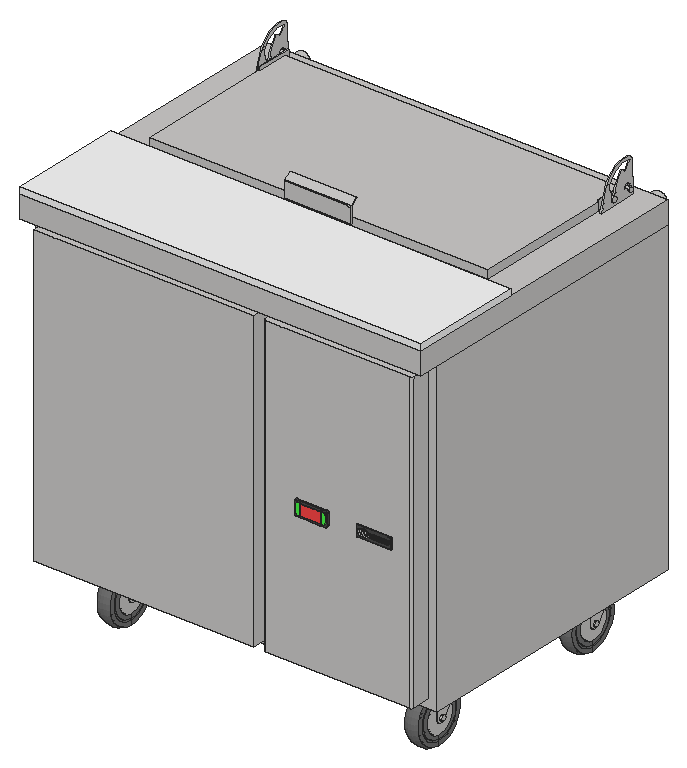
Revit family "QF_MACOM_RPTx-AITS", category Equipamento especial, Revit 2020
Family settings
  Cota do conector redondo = Utilizar diâmetro
  Tipo de parte = Normal
  Número OmniClass = 23.40.40.11.11.11
  Título OmniClass = Refrigerators
  Com base no plano de trabalho = Não
  Sempre na vertical = Sim
  Corte com vazios quando carregada = Não
  Compartilhado = Não
  Ponto de cálculo do ambiente = Não
Parameters (values of type "RPT1-ITS")
  Work Temperature (Gabinete) = "+1ºC a +4ºC"
  Work Temperature (Cabeçotel) = "+1ºC a +5ºC"
  Weight [instance] = 0.00 kg
  Watts [instance] = 592 W
  Volume = 0.70 m³
  Volts [instance] = 220 V
  URL = "https://www.acosmacom.com.br/produtos/refrigerador-horizontal-mega-top/"
  Separate Door Location = if(Length Actual > 1969 mm, 1012 mm, Length Actual / 2)  # 454 mm
  Number of Doors = 1
  Door 1 = if(Length Actual > 909 mm, 529 mm, 0 mm)  # 0 mm
  Defrost Power = 321 W
  Center Handle = (Length Actual / 2)  # 454 mm
  Modelo = "RPT1-ITS"
  Handle Center = Length Actual < 1969 mm  # yes
  GN's Capacity (1/6-150) = "8"
  Fabricante = "MACOM"
  Elevação padrão = 0 mm
  Door Separator = if(Length Actual > 1966 mm, 800 mm, 10 mm)  # 10 mm
  Door 3 = Length Actual > 1969 mm  # no
  Door 2 = Length Actual > 1438 mm  # no
  Descrição = "REFRIG HORIZ PREP TABLE MACOM, SALADA P/8 GNS 1/6-150, 1 PORTA INOX, 12 TRILHOS, ALTILENO, RODIZIOS 5 - 904X700X900"
  Type Comments = ""
  Show Logo [instance] = yes
  Show Clearances [instance] = yes
  Refrigeration Defrost Drain [instance] = yes
  Refrigeration Climate Class [instance] = "4"
  Refrigerant Type [instance] = "R134a"
  Point Load [instance] = 0
  Phase [instance] = 1
  Operational Current [instance] = 3.25 A
  Length Actual = 908 mm
  Ingress Protection Code [instance] = "IP 22"
  Identify Quantity as Lot [instance] = yes
  Height Actual [instance] = 990 mm  # constant formula
  Foodservice Equipment Identifier [instance] = yes
  Elec Conn Connection Height [instance] = 460 mm
  Depth Actual [instance] = 739 mm  # constant formula
  Cycle [instance] = 60 Hz
  CSI MasterFormat [instance] = ""
  CE Approved [instance] = yes
  Accessory [instance] = yes
Reference planes
  plane 1 "Centro (Frontal/Traseira)": y = 0
  plane 2: z = 0
  plane 3 "Centro (Esquerda/Direita)": x = 0
  plane 4: z = 858
  plane 5: z = 157
  plane 6: z = 157
  plane 7: y = -139
  plane 8: x = 803
  plane 9: x = 105
  plane 10: z = 848
  plane 11: z = 175.1
  plane 12: x = 908
  plane 13: y = -739
  plane 14: x = 30.6
  plane 15: x = 30.6
  plane 16: x = 30.5
  plane 17: y = -694
  plane 18: z = 847
  plane 19: y = -60
  plane 20: y = -39
  plane 21: y = -482
  plane 22: y = -574
  plane 23: y = -739
  plane 24: z = 908
  plane 25: z = 923
  plane 26: z = 926
  plane 27: z = 990
  plane 28: y = -461
  plane 29: x = 789.717
  plane 30: x = 1071.084
  plane 31: x = 481
  plane 32: x = 599
Forms (mm)
  Extrusion 1, solid, material "QF_Stainless_Steel"
    sketch origin (0, 39, 0) x (0, 1, 0) y (0, 0, 1)
      loop
        line (-78, 157) -> (-78, 858) -> (-733, 858) -> (-733, 157) -> (-78, 157)
    from 0 to 908 <- "Length Actual"
  Extrusion 2, solid, material "QF_Stainless_Steel"
    sketch origin (41.5, -85, 857) x (0, -1, 0) y (1, 0, 0)
      loop
        line (609, 848) -> (609, 510) -> (649, 510)
        arc (649, 510) -> (652.536, 511.464) -> (654, 515) r 5
        line (654, 515) -> (654, 843)
        arc (654, 843) -> (652.536, 846.536) -> (649, 848) r 5
        line (649, 848) -> (609, 848)
    from -10 to -681.9
  Extrusion 3, solid, material "QF_Metal_Stainless Steel"
    sketch origin (0, 39, 0) x (0, -1, 0) y (0, 0, 1)
      loop
        line (78, 858) -> (778, 858) -> (778, 908) -> (78, 908) -> (78, 858)
    from 0 to -908
  Extrusion 4, solid, material "QF_Clearence", visible <- "Show Clearances", detail levels coarse
    sketch origin (68.7, -92.729, -160.77) x (0, -0.992546, 0.121869) y (0, 0.121869, 0.992546)
      loop
        arc (495.776, 1015.922) -> (417.746, 1297.29) -> (163.613, 1441.072) r 381.5
        line (163.613, 1441.072) -> (117.12, 1062.416) -> (495.776, 1015.922)
    from -2.3 to -768.3
  Extrusion 5, solid, material "QF_Metal_Stainless Steel"
    sketch origin (0, -886, 882) x (0, 1, 0) y (-1, 0, 0)
      loop
        line (806.5, -71) -> (425, -71) -> (425, -837) -> (806.5, -837) -> (806.5, -71)
    from 44 to 26
  Extrusion 6, void
    sketch origin (0, -85, 857) x (0, -1, 0) y (1, 0, 0)
      loop
        line (-5.437, 454) -> (376, 454) -> (376, 572) -> (-5.437, 572) -> (-5.437, 454)
    from 1 to 10 <- "Door Separator"
  Extrusion 7, solid, material "QF_Plastic-Opaque-White"
    sketch origin (0, 39, 0) x (0, -1, 0) y (0, 0, 1)
      loop
        line (778, 923) -> (521, 923) -> (521, 908) -> (778, 908) -> (778, 923)
    from 0 to -908
  Revolve 8, solid, material "QF_Metal_Stainless Steel", detail levels medium+fine
    sketch origin (8.279, -922.673, 874.8) x (-1, 0, 0) y (0, -1, 0)
      loop
        line (-33.721, -883.673) -> (-41.721, -883.673) -> (-41.721, -922.673) -> (-24.684, -922.673) -> (-24.684, -885.173) -> (-33.721, -885.173) -> (-33.721, -883.673)
      axis (-41.721, -883.673) -> (-41.721, -922.673)
    angle from 0 to 360
  Revolve 9, solid, material "QF_Metal_Stainless Steel", detail levels medium+fine
    sketch origin (1834.712, -922.673, 874.8) x (-1, 0, 0) y (0, -1, 0)
      loop
        line (984.712, -883.673) -> (976.712, -883.673) -> (976.712, -922.673) -> (993.749, -922.673) -> (993.749, -885.173) -> (984.712, -885.173) -> (984.712, -883.673)
      axis (976.712, -883.673) -> (976.712, -922.673)
    angle from 0 to 360
  Extrusion 10, solid, material "QF_Metal_Stainless Steel"
    sketch origin (0, -39, 175.1) x (0, 0, -1) y (-1, 0, 0)
      loop
        circle (-284.9, -580) r 9.525
    from 0 to 6.4
Cuts and joins
  Extrusion 6 cuts Extrusion 5
  Extrusion 6 cuts Extrusion 4
Lines and regions (mm)
  model lines, detail levels medium+fine
    curve 1: line (586.5, -739, 799.1) -> (666.5, -739, 799.1)
    curve 2: line (586.5, -739, 794.1) -> (586.5, -739, 799.1)
    curve 3: line (666.5, -739, 794.1) -> (586.5, -739, 794.1)
    curve 4: line (666.5, -739, 799.1) -> (666.5, -739, 794.1)
    curve 5: line (681.5, -739, 799.1) -> (761.5, -739, 799.1)
    curve 6: line (681.5, -739, 794.1) -> (681.5, -739, 799.1)
    curve 7: line (761.5, -739, 794.1) -> (681.5, -739, 794.1)
    curve 8: line (761.5, -739, 799.1) -> (761.5, -739, 794.1)
    curve 9: line (776.5, -739, 799.1) -> (856.5, -739, 799.1)
    curve 10: line (776.5, -739, 794.1) -> (776.5, -739, 799.1)
    curve 11: line (856.5, -739, 794.1) -> (776.5, -739, 794.1)
    curve 12: line (856.5, -739, 799.1) -> (856.5, -739, 794.1)
    curve 13: line (586.5, -739, 789.1) -> (666.5, -739, 789.1)
    curve 14: line (586.5, -739, 784.1) -> (586.5, -739, 789.1)
    curve 15: line (666.5, -739, 784.1) -> (586.5, -739, 784.1)
    curve 16: line (666.5, -739, 789.1) -> (666.5, -739, 784.1)
    curve 17: line (681.5, -739, 789.1) -> (761.5, -739, 789.1)
    curve 18: line (681.5, -739, 784.1) -> (681.5, -739, 789.1)
    curve 19: line (761.5, -739, 784.1) -> (681.5, -739, 784.1)
    curve 20: line (761.5, -739, 789.1) -> (761.5, -739, 784.1)
    curve 21: line (776.5, -739, 789.1) -> (856.5, -739, 789.1)
    curve 22: line (776.5, -739, 784.1) -> (776.5, -739, 789.1)
    curve 23: line (856.5, -739, 784.1) -> (776.5, -739, 784.1)
    curve 24: line (856.5, -739, 789.1) -> (856.5, -739, 784.1)
    curve 25: line (586.5, -739, 779.1) -> (666.5, -739, 779.1)
    curve 26: line (586.5, -739, 774.1) -> (586.5, -739, 779.1)
    curve 27: line (666.5, -739, 774.1) -> (586.5, -739, 774.1)
    curve 28: line (666.5, -739, 779.1) -> (666.5, -739, 774.1)
    curve 29: line (681.5, -739, 779.1) -> (761.5, -739, 779.1)
    curve 30: line (681.5, -739, 774.1) -> (681.5, -739, 779.1)
    curve 31: line (761.5, -739, 774.1) -> (681.5, -739, 774.1)
    curve 32: line (761.5, -739, 779.1) -> (761.5, -739, 774.1)
    curve 33: line (776.5, -739, 779.1) -> (856.5, -739, 779.1)
    curve 34: line (776.5, -739, 774.1) -> (776.5, -739, 779.1)
    curve 35: line (856.5, -739, 774.1) -> (776.5, -739, 774.1)
    curve 36: line (856.5, -739, 779.1) -> (856.5, -739, 774.1)
    curve 37: line (586.5, -739, 769.1) -> (666.5, -739, 769.1)
    curve 38: line (586.5, -739, 764.1) -> (586.5, -739, 769.1)
    curve 39: line (666.5, -739, 764.1) -> (586.5, -739, 764.1)
    curve 40: line (666.5, -739, 769.1) -> (666.5, -739, 764.1)
    curve 41: line (681.5, -739, 769.1) -> (761.5, -739, 769.1)
    curve 42: line (681.5, -739, 764.1) -> (681.5, -739, 769.1)
    curve 43: line (761.5, -739, 764.1) -> (681.5, -739, 764.1)
    curve 44: line (761.5, -739, 769.1) -> (761.5, -739, 764.1)
    curve 45: line (776.5, -739, 769.1) -> (856.5, -739, 769.1)
    curve 46: line (776.5, -739, 764.1) -> (776.5, -739, 769.1)
    curve 47: line (856.5, -739, 764.1) -> (776.5, -739, 764.1)
    curve 48: line (856.5, -739, 769.1) -> (856.5, -739, 764.1)
    curve 49: line (586.5, -739, 589.1) -> (666.5, -739, 589.1)
    curve 50: line (586.5, -739, 584.1) -> (586.5, -739, 589.1)
    curve 51: line (666.5, -739, 584.1) -> (586.5, -739, 584.1)
    curve 52: line (666.5, -739, 589.1) -> (666.5, -739, 584.1)
    curve 53: line (681.5, -739, 589.1) -> (761.5, -739, 589.1)
    curve 54: line (681.5, -739, 584.1) -> (681.5, -739, 589.1)
    curve 55: line (761.5, -739, 584.1) -> (681.5, -739, 584.1)
    curve 56: line (761.5, -739, 589.1) -> (761.5, -739, 584.1)
    curve 57: line (776.5, -739, 589.1) -> (856.5, -739, 589.1)
    curve 58: line (776.5, -739, 584.1) -> (776.5, -739, 589.1)
    curve 59: line (856.5, -739, 584.1) -> (776.5, -739, 584.1)
    curve 60: line (856.5, -739, 589.1) -> (856.5, -739, 584.1)
    curve 61: line (586.5, -739, 579.1) -> (666.5, -739, 579.1)
    curve 62: line (586.5, -739, 574.1) -> (586.5, -739, 579.1)
    curve 63: line (666.5, -739, 574.1) -> (586.5, -739, 574.1)
    curve 64: line (666.5, -739, 579.1) -> (666.5, -739, 574.1)
    curve 65: line (681.5, -739, 579.1) -> (761.5, -739, 579.1)
    curve 66: line (681.5, -739, 574.1) -> (681.5, -739, 579.1)
    curve 67: line (761.5, -739, 574.1) -> (681.5, -739, 574.1)
    curve 68: line (761.5, -739, 579.1) -> (761.5, -739, 574.1)
    curve 69: line (776.5, -739, 579.1) -> (856.5, -739, 579.1)
    curve 70: line (776.5, -739, 574.1) -> (776.5, -739, 579.1)
    curve 71: line (856.5, -739, 574.1) -> (776.5, -739, 574.1)
    curve 72: line (856.5, -739, 579.1) -> (856.5, -739, 574.1)
    curve 73: line (586.5, -739, 569.1) -> (666.5, -739, 569.1)
    curve 74: line (586.5, -739, 564.1) -> (586.5, -739, 569.1)
    curve 75: line (666.5, -739, 564.1) -> (586.5, -739, 564.1)
    curve 76: line (666.5, -739, 569.1) -> (666.5, -739, 564.1)
    curve 77: line (681.5, -739, 569.1) -> (761.5, -739, 569.1)
    curve 78: line (681.5, -739, 564.1) -> (681.5, -739, 569.1)
    curve 79: line (761.5, -739, 564.1) -> (681.5, -739, 564.1)
    curve 80: line (761.5, -739, 569.1) -> (761.5, -739, 564.1)
    curve 81: line (776.5, -739, 569.1) -> (856.5, -739, 569.1)
    curve 82: line (776.5, -739, 564.1) -> (776.5, -739, 569.1)
    curve 83: line (856.5, -739, 564.1) -> (776.5, -739, 564.1)
    curve 84: line (856.5, -739, 569.1) -> (856.5, -739, 564.1)
    curve 85: line (586.5, -739, 559.1) -> (666.5, -739, 559.1)
    curve 86: line (586.5, -739, 554.1) -> (586.5, -739, 559.1)
    curve 87: line (666.5, -739, 554.1) -> (586.5, -739, 554.1)
    curve 88: line (666.5, -739, 559.1) -> (666.5, -739, 554.1)
    curve 89: line (681.5, -739, 559.1) -> (761.5, -739, 559.1)
    curve 90: line (681.5, -739, 554.1) -> (681.5, -739, 559.1)
    curve 91: line (761.5, -739, 554.1) -> (681.5, -739, 554.1)
    curve 92: line (761.5, -739, 559.1) -> (761.5, -739, 554.1)
    curve 93: line (776.5, -739, 559.1) -> (856.5, -739, 559.1)
    curve 94: line (776.5, -739, 554.1) -> (776.5, -739, 559.1)
    curve 95: line (856.5, -739, 554.1) -> (776.5, -739, 554.1)
    curve 96: line (856.5, -739, 559.1) -> (856.5, -739, 554.1)
    curve 97: line (586.5, -739, 629.1) -> (666.5, -739, 629.1)
    curve 98: line (586.5, -739, 624.1) -> (586.5, -739, 629.1)
    curve 99: line (666.5, -739, 624.1) -> (586.5, -739, 624.1)
    curve 100: line (666.5, -739, 629.1) -> (666.5, -739, 624.1)
    curve 101: line (681.5, -739, 629.1) -> (761.5, -739, 629.1)
    curve 102: line (681.5, -739, 624.1) -> (681.5, -739, 629.1)
    curve 103: line (761.5, -739, 624.1) -> (681.5, -739, 624.1)
    curve 104: line (761.5, -739, 629.1) -> (761.5, -739, 624.1)
    curve 105: line (776.5, -739, 629.1) -> (856.5, -739, 629.1)
    curve 106: line (776.5, -739, 624.1) -> (776.5, -739, 629.1)
    curve 107: line (856.5, -739, 624.1) -> (776.5, -739, 624.1)
    curve 108: line (856.5, -739, 629.1) -> (856.5, -739, 624.1)
    curve 109: line (586.5, -739, 619.1) -> (666.5, -739, 619.1)
    curve 110: line (586.5, -739, 614.1) -> (586.5, -739, 619.1)
    curve 111: line (666.5, -739, 614.1) -> (586.5, -739, 614.1)
    curve 112: line (666.5, -739, 619.1) -> (666.5, -739, 614.1)
    curve 113: line (681.5, -739, 619.1) -> (761.5, -739, 619.1)
    curve 114: line (681.5, -739, 614.1) -> (681.5, -739, 619.1)
    curve 115: line (761.5, -739, 614.1) -> (681.5, -739, 614.1)
    curve 116: line (761.5, -739, 619.1) -> (761.5, -739, 614.1)
    curve 117: line (776.5, -739, 619.1) -> (856.5, -739, 619.1)
    curve 118: line (776.5, -739, 614.1) -> (776.5, -739, 619.1)
    curve 119: line (856.5, -739, 614.1) -> (776.5, -739, 614.1)
    curve 120: line (856.5, -739, 619.1) -> (856.5, -739, 614.1)
    curve 121: line (586.5, -739, 609.1) -> (666.5, -739, 609.1)
    curve 122: line (586.5, -739, 604.1) -> (586.5, -739, 609.1)
    curve 123: line (666.5, -739, 604.1) -> (586.5, -739, 604.1)
    curve 124: line (666.5, -739, 609.1) -> (666.5, -739, 604.1)
    curve 125: line (681.5, -739, 609.1) -> (761.5, -739, 609.1)
    curve 126: line (681.5, -739, 604.1) -> (681.5, -739, 609.1)
    curve 127: line (761.5, -739, 604.1) -> (681.5, -739, 604.1)
    curve 128: line (761.5, -739, 609.1) -> (761.5, -739, 604.1)
    curve 129: line (776.5, -739, 609.1) -> (856.5, -739, 609.1)
    curve 130: line (776.5, -739, 604.1) -> (776.5, -739, 609.1)
    curve 131: line (856.5, -739, 604.1) -> (776.5, -739, 604.1)
    curve 132: line (856.5, -739, 609.1) -> (856.5, -739, 604.1)
    curve 133: line (586.5, -739, 599.1) -> (666.5, -739, 599.1)
    curve 134: line (586.5, -739, 594.1) -> (586.5, -739, 599.1)
    curve 135: line (666.5, -739, 594.1) -> (586.5, -739, 594.1)
    curve 136: line (666.5, -739, 599.1) -> (666.5, -739, 594.1)
    curve 137: line (681.5, -739, 599.1) -> (761.5, -739, 599.1)
    curve 138: line (681.5, -739, 594.1) -> (681.5, -739, 599.1)
    curve 139: line (761.5, -739, 594.1) -> (681.5, -739, 594.1)
    curve 140: line (761.5, -739, 599.1) -> (761.5, -739, 594.1)
    curve 141: line (776.5, -739, 599.1) -> (856.5, -739, 599.1)
    curve 142: line (776.5, -739, 594.1) -> (776.5, -739, 599.1)
    curve 143: line (856.5, -739, 594.1) -> (776.5, -739, 594.1)
    curve 144: line (856.5, -739, 599.1) -> (856.5, -739, 594.1)
    curve 145: line (586.5, -739, 669.1) -> (666.5, -739, 669.1)
    curve 146: line (586.5, -739, 664.1) -> (586.5, -739, 669.1)
    curve 147: line (666.5, -739, 664.1) -> (586.5, -739, 664.1)
    curve 148: line (666.5, -739, 669.1) -> (666.5, -739, 664.1)
    curve 149: line (681.5, -739, 669.1) -> (761.5, -739, 669.1)
    curve 150: line (681.5, -739, 664.1) -> (681.5, -739, 669.1)
    curve 151: line (761.5, -739, 664.1) -> (681.5, -739, 664.1)
    curve 152: line (761.5, -739, 669.1) -> (761.5, -739, 664.1)
    curve 153: line (776.5, -739, 669.1) -> (856.5, -739, 669.1)
    curve 154: line (776.5, -739, 664.1) -> (776.5, -739, 669.1)
    curve 155: line (856.5, -739, 664.1) -> (776.5, -739, 664.1)
    curve 156: line (856.5, -739, 669.1) -> (856.5, -739, 664.1)
    curve 157: line (586.5, -739, 659.1) -> (666.5, -739, 659.1)
    curve 158: line (586.5, -739, 654.1) -> (586.5, -739, 659.1)
    curve 159: line (666.5, -739, 654.1) -> (586.5, -739, 654.1)
    curve 160: line (666.5, -739, 659.1) -> (666.5, -739, 654.1)
    curve 161: line (681.5, -739, 659.1) -> (761.5, -739, 659.1)
    curve 162: line (681.5, -739, 654.1) -> (681.5, -739, 659.1)
    curve 163: line (761.5, -739, 654.1) -> (681.5, -739, 654.1)
    curve 164: line (761.5, -739, 659.1) -> (761.5, -739, 654.1)
    curve 165: line (776.5, -739, 659.1) -> (856.5, -739, 659.1)
    curve 166: line (776.5, -739, 654.1) -> (776.5, -739, 659.1)
    curve 167: line (856.5, -739, 654.1) -> (776.5, -739, 654.1)
    curve 168: line (856.5, -739, 659.1) -> (856.5, -739, 654.1)
    curve 169: line (586.5, -739, 649.1) -> (666.5, -739, 649.1)
    curve 170: line (586.5, -739, 644.1) -> (586.5, -739, 649.1)
    curve 171: line (666.5, -739, 644.1) -> (586.5, -739, 644.1)
    curve 172: line (666.5, -739, 649.1) -> (666.5, -739, 644.1)
    curve 173: line (681.5, -739, 649.1) -> (761.5, -739, 649.1)
    curve 174: line (681.5, -739, 644.1) -> (681.5, -739, 649.1)
    curve 175: line (761.5, -739, 644.1) -> (681.5, -739, 644.1)
    curve 176: line (761.5, -739, 649.1) -> (761.5, -739, 644.1)
    curve 177: line (776.5, -739, 649.1) -> (856.5, -739, 649.1)
    curve 178: line (776.5, -739, 644.1) -> (776.5, -739, 649.1)
    curve 179: line (856.5, -739, 644.1) -> (776.5, -739, 644.1)
    curve 180: line (856.5, -739, 649.1) -> (856.5, -739, 644.1)
    curve 181: line (586.5, -739, 639.1) -> (666.5, -739, 639.1)
    curve 182: line (586.5, -739, 634.1) -> (586.5, -739, 639.1)
    curve 183: line (666.5, -739, 634.1) -> (586.5, -739, 634.1)
    curve 184: line (666.5, -739, 639.1) -> (666.5, -739, 634.1)
    curve 185: line (681.5, -739, 639.1) -> (761.5, -739, 639.1)
    curve 186: line (681.5, -739, 634.1) -> (681.5, -739, 639.1)
    curve 187: line (761.5, -739, 634.1) -> (681.5, -739, 634.1)
    curve 188: line (761.5, -739, 639.1) -> (761.5, -739, 634.1)
    curve 189: line (776.5, -739, 639.1) -> (856.5, -739, 639.1)
    curve 190: line (776.5, -739, 634.1) -> (776.5, -739, 639.1)
    curve 191: line (856.5, -739, 634.1) -> (776.5, -739, 634.1)
    curve 192: line (856.5, -739, 639.1) -> (856.5, -739, 634.1)
    curve 193: line (586.5, -739, 709.1) -> (666.5, -739, 709.1)
    curve 194: line (586.5, -739, 704.1) -> (586.5, -739, 709.1)
    curve 195: line (666.5, -739, 704.1) -> (586.5, -739, 704.1)
    curve 196: line (666.5, -739, 709.1) -> (666.5, -739, 704.1)
    curve 197: line (681.5, -739, 709.1) -> (761.5, -739, 709.1)
    curve 198: line (681.5, -739, 704.1) -> (681.5, -739, 709.1)
    curve 199: line (761.5, -739, 704.1) -> (681.5, -739, 704.1)
    curve 200: line (761.5, -739, 709.1) -> (761.5, -739, 704.1)
    curve 201: line (776.5, -739, 709.1) -> (856.5, -739, 709.1)
    curve 202: line (776.5, -739, 704.1) -> (776.5, -739, 709.1)
    curve 203: line (856.5, -739, 704.1) -> (776.5, -739, 704.1)
    curve 204: line (856.5, -739, 709.1) -> (856.5, -739, 704.1)
    curve 205: line (586.5, -739, 699.1) -> (666.5, -739, 699.1)
    curve 206: line (586.5, -739, 694.1) -> (586.5, -739, 699.1)
    curve 207: line (666.5, -739, 694.1) -> (586.5, -739, 694.1)
    curve 208: line (666.5, -739, 699.1) -> (666.5, -739, 694.1)
    curve 209: line (681.5, -739, 699.1) -> (761.5, -739, 699.1)
    curve 210: line (681.5, -739, 694.1) -> (681.5, -739, 699.1)
    curve 211: line (761.5, -739, 694.1) -> (681.5, -739, 694.1)
    curve 212: line (761.5, -739, 699.1) -> (761.5, -739, 694.1)
    curve 213: line (776.5, -739, 699.1) -> (856.5, -739, 699.1)
    curve 214: line (776.5, -739, 694.1) -> (776.5, -739, 699.1)
    curve 215: line (856.5, -739, 694.1) -> (776.5, -739, 694.1)
    curve 216: line (856.5, -739, 699.1) -> (856.5, -739, 694.1)
    curve 217: line (586.5, -739, 689.1) -> (666.5, -739, 689.1)
    curve 218: line (586.5, -739, 684.1) -> (586.5, -739, 689.1)
    curve 219: line (666.5, -739, 684.1) -> (586.5, -739, 684.1)
    curve 220: line (666.5, -739, 689.1) -> (666.5, -739, 684.1)
    curve 221: line (681.5, -739, 689.1) -> (761.5, -739, 689.1)
    curve 222: line (681.5, -739, 684.1) -> (681.5, -739, 689.1)
    curve 223: line (761.5, -739, 684.1) -> (681.5, -739, 684.1)
    curve 224: line (761.5, -739, 689.1) -> (761.5, -739, 684.1)
    curve 225: line (776.5, -739, 689.1) -> (856.5, -739, 689.1)
    curve 226: line (776.5, -739, 684.1) -> (776.5, -739, 689.1)
    curve 227: line (856.5, -739, 684.1) -> (776.5, -739, 684.1)
    curve 228: line (856.5, -739, 689.1) -> (856.5, -739, 684.1)
    curve 229: line (586.5, -739, 679.1) -> (666.5, -739, 679.1)
    curve 230: line (586.5, -739, 674.1) -> (586.5, -739, 679.1)
    curve 231: line (666.5, -739, 674.1) -> (586.5, -739, 674.1)
    curve 232: line (666.5, -739, 679.1) -> (666.5, -739, 674.1)
    curve 233: line (681.5, -739, 679.1) -> (761.5, -739, 679.1)
    curve 234: line (681.5, -739, 674.1) -> (681.5, -739, 679.1)
    curve 235: line (761.5, -739, 674.1) -> (681.5, -739, 674.1)
    curve 236: line (761.5, -739, 679.1) -> (761.5, -739, 674.1)
    curve 237: line (776.5, -739, 679.1) -> (856.5, -739, 679.1)
    curve 238: line (776.5, -739, 674.1) -> (776.5, -739, 679.1)
    curve 239: line (856.5, -739, 674.1) -> (776.5, -739, 674.1)
    curve 240: line (856.5, -739, 679.1) -> (856.5, -739, 674.1)
    curve 241: line (586.5, -739, 729.1) -> (666.5, -739, 729.1)
    curve 242: line (586.5, -739, 724.1) -> (586.5, -739, 729.1)
    curve 243: line (666.5, -739, 724.1) -> (586.5, -739, 724.1)
    curve 244: line (666.5, -739, 729.1) -> (666.5, -739, 724.1)
    curve 245: line (681.5, -739, 729.1) -> (761.5, -739, 729.1)
    curve 246: line (681.5, -739, 724.1) -> (681.5, -739, 729.1)
    curve 247: line (761.5, -739, 724.1) -> (681.5, -739, 724.1)
    curve 248: line (761.5, -739, 729.1) -> (761.5, -739, 724.1)
    curve 249: line (776.5, -739, 729.1) -> (856.5, -739, 729.1)
    curve 250: line (776.5, -739, 724.1) -> (776.5, -739, 729.1)
    curve 251: line (856.5, -739, 724.1) -> (776.5, -739, 724.1)
    curve 252: line (856.5, -739, 729.1) -> (856.5, -739, 724.1)
    curve 253: line (586.5, -739, 719.1) -> (666.5, -739, 719.1)
    curve 254: line (586.5, -739, 714.1) -> (586.5, -739, 719.1)
    curve 255: line (666.5, -739, 714.1) -> (586.5, -739, 714.1)
    curve 256: line (666.5, -739, 719.1) -> (666.5, -739, 714.1)
    curve 257: line (681.5, -739, 719.1) -> (761.5, -739, 719.1)
    curve 258: line (681.5, -739, 714.1) -> (681.5, -739, 719.1)
    curve 259: line (761.5, -739, 714.1) -> (681.5, -739, 714.1)
    curve 260: line (761.5, -739, 719.1) -> (761.5, -739, 714.1)
    curve 261: line (776.5, -739, 719.1) -> (856.5, -739, 719.1)
    curve 262: line (776.5, -739, 714.1) -> (776.5, -739, 719.1)
    curve 263: line (856.5, -739, 714.1) -> (776.5, -739, 714.1)
    curve 264: line (856.5, -739, 719.1) -> (856.5, -739, 714.1)
    curve 265: line (586.5, -739, 749.1) -> (666.5, -739, 749.1)
    curve 266: line (586.5, -739, 744.1) -> (586.5, -739, 749.1)
    curve 267: line (666.5, -739, 744.1) -> (586.5, -739, 744.1)
    curve 268: line (666.5, -739, 749.1) -> (666.5, -739, 744.1)
    curve 269: line (681.5, -739, 749.1) -> (761.5, -739, 749.1)
    curve 270: line (681.5, -739, 744.1) -> (681.5, -739, 749.1)
    curve 271: line (761.5, -739, 744.1) -> (681.5, -739, 744.1)
    curve 272: line (761.5, -739, 749.1) -> (761.5, -739, 744.1)
    curve 273: line (776.5, -739, 749.1) -> (856.5, -739, 749.1)
    curve 274: line (776.5, -739, 744.1) -> (776.5, -739, 749.1)
    curve 275: line (856.5, -739, 744.1) -> (776.5, -739, 744.1)
    curve 276: line (856.5, -739, 749.1) -> (856.5, -739, 744.1)
    curve 277: line (586.5, -739, 739.1) -> (666.5, -739, 739.1)
    curve 278: line (586.5, -739, 734.1) -> (586.5, -739, 739.1)
    curve 279: line (666.5, -739, 734.1) -> (586.5, -739, 734.1)
    curve 280: line (666.5, -739, 739.1) -> (666.5, -739, 734.1)
    curve 281: line (681.5, -739, 739.1) -> (761.5, -739, 739.1)
    curve 282: line (681.5, -739, 734.1) -> (681.5, -739, 739.1)
    curve 283: line (761.5, -739, 734.1) -> (681.5, -739, 734.1)
    curve 284: line (761.5, -739, 739.1) -> (761.5, -739, 734.1)
    curve 285: line (776.5, -739, 739.1) -> (856.5, -739, 739.1)
    curve 286: line (776.5, -739, 734.1) -> (776.5, -739, 739.1)
    curve 287: line (856.5, -739, 734.1) -> (776.5, -739, 734.1)
    curve 288: line (856.5, -739, 739.1) -> (856.5, -739, 734.1)
    curve 289: line (586.5, -739, 759.1) -> (666.5, -739, 759.1)
    curve 290: line (586.5, -739, 754.1) -> (586.5, -739, 759.1)
    curve 291: line (666.5, -739, 754.1) -> (586.5, -739, 754.1)
    curve 292: line (666.5, -739, 759.1) -> (666.5, -739, 754.1)
    curve 293: line (681.5, -739, 759.1) -> (761.5, -739, 759.1)
    curve 294: line (681.5, -739, 754.1) -> (681.5, -739, 759.1)
    curve 295: line (761.5, -739, 754.1) -> (681.5, -739, 754.1)
    curve 296: line (761.5, -739, 759.1) -> (761.5, -739, 754.1)
    curve 297: line (776.5, -739, 759.1) -> (856.5, -739, 759.1)
    curve 298: line (776.5, -739, 754.1) -> (776.5, -739, 759.1)
    curve 299: line (856.5, -739, 754.1) -> (776.5, -739, 754.1)
    curve 300: line (856.5, -739, 759.1) -> (856.5, -739, 754.1)
    curve 301: line (586.5, -739, 234.1) -> (666.5, -739, 234.1)
    curve 302: line (586.5, -739, 229.1) -> (586.5, -739, 234.1)
    curve 303: line (666.5, -739, 229.1) -> (586.5, -739, 229.1)
    curve 304: line (666.5, -739, 234.1) -> (666.5, -739, 229.1)
    curve 305: line (681.5, -739, 234.1) -> (761.5, -739, 234.1)
    curve 306: line (681.5, -739, 229.1) -> (681.5, -739, 234.1)
    curve 307: line (761.5, -739, 229.1) -> (681.5, -739, 229.1)
    curve 308: line (761.5, -739, 234.1) -> (761.5, -739, 229.1)
    curve 309: line (776.5, -739, 234.1) -> (856.5, -739, 234.1)
    curve 310: line (776.5, -739, 229.1) -> (776.5, -739, 234.1)
    curve 311: line (856.5, -739, 229.1) -> (776.5, -739, 229.1)
    curve 312: line (856.5, -739, 234.1) -> (856.5, -739, 229.1)
    curve 313: line (586.5, -739, 244.1) -> (666.5, -739, 244.1)
    curve 314: line (586.5, -739, 239.1) -> (586.5, -739, 244.1)
    curve 315: line (666.5, -739, 239.1) -> (586.5, -739, 239.1)
    curve 316: line (666.5, -739, 244.1) -> (666.5, -739, 239.1)
    curve 317: line (681.5, -739, 244.1) -> (761.5, -739, 244.1)
    curve 318: line (681.5, -739, 239.1) -> (681.5, -739, 244.1)
    curve 319: line (761.5, -739, 239.1) -> (681.5, -739, 239.1)
    curve 320: line (761.5, -739, 244.1) -> (761.5, -739, 239.1)
    curve 321: line (776.5, -739, 244.1) -> (856.5, -739, 244.1)
    curve 322: line (776.5, -739, 239.1) -> (776.5, -739, 244.1)
    curve 323: line (856.5, -739, 239.1) -> (776.5, -739, 239.1)
    curve 324: line (856.5, -739, 244.1) -> (856.5, -739, 239.1)
    curve 325: line (586.5, -739, 254.1) -> (666.5, -739, 254.1)
    curve 326: line (586.5, -739, 249.1) -> (586.5, -739, 254.1)
    curve 327: line (666.5, -739, 249.1) -> (586.5, -739, 249.1)
    curve 328: line (666.5, -739, 254.1) -> (666.5, -739, 249.1)
    curve 329: line (681.5, -739, 254.1) -> (761.5, -739, 254.1)
    curve 330: line (681.5, -739, 249.1) -> (681.5, -739, 254.1)
    curve 331: line (761.5, -739, 249.1) -> (681.5, -739, 249.1)
    curve 332: line (761.5, -739, 254.1) -> (761.5, -739, 249.1)
    curve 333: line (776.5, -739, 254.1) -> (856.5, -739, 254.1)
    curve 334: line (776.5, -739, 249.1) -> (776.5, -739, 254.1)
    curve 335: line (856.5, -739, 249.1) -> (776.5, -739, 249.1)
    curve 336: line (856.5, -739, 254.1) -> (856.5, -739, 249.1)
    curve 337: line (586.5, -739, 264.1) -> (666.5, -739, 264.1)
    curve 338: line (586.5, -739, 259.1) -> (586.5, -739, 264.1)
    curve 339: line (666.5, -739, 259.1) -> (586.5, -739, 259.1)
    curve 340: line (666.5, -739, 264.1) -> (666.5, -739, 259.1)
    curve 341: line (681.5, -739, 264.1) -> (761.5, -739, 264.1)
    curve 342: line (681.5, -739, 259.1) -> (681.5, -739, 264.1)
    curve 343: line (761.5, -739, 259.1) -> (681.5, -739, 259.1)
    curve 344: line (761.5, -739, 264.1) -> (761.5, -739, 259.1)
    curve 345: line (776.5, -739, 264.1) -> (856.5, -739, 264.1)
    curve 346: line (776.5, -739, 259.1) -> (776.5, -739, 264.1)
    curve 347: line (856.5, -739, 259.1) -> (776.5, -739, 259.1)
    curve 348: line (856.5, -739, 264.1) -> (856.5, -739, 259.1)
    curve 349: line (586.5, -739, 274.1) -> (666.5, -739, 274.1)
    curve 350: line (586.5, -739, 269.1) -> (586.5, -739, 274.1)
    curve 351: line (666.5, -739, 269.1) -> (586.5, -739, 269.1)
    curve 352: line (666.5, -739, 274.1) -> (666.5, -739, 269.1)
    curve 353: line (681.5, -739, 274.1) -> (761.5, -739, 274.1)
    curve 354: line (681.5, -739, 269.1) -> (681.5, -739, 274.1)
    curve 355: line (761.5, -739, 269.1) -> (681.5, -739, 269.1)
    curve 356: line (761.5, -739, 274.1) -> (761.5, -739, 269.1)
    curve 357: line (776.5, -739, 274.1) -> (856.5, -739, 274.1)
    curve 358: line (776.5, -739, 269.1) -> (776.5, -739, 274.1)
    curve 359: line (856.5, -739, 269.1) -> (776.5, -739, 269.1)
    curve 360: line (856.5, -739, 274.1) -> (856.5, -739, 269.1)
    curve 361: line (586.5, -739, 284.1) -> (666.5, -739, 284.1)
    curve 362: line (586.5, -739, 279.1) -> (586.5, -739, 284.1)
    curve 363: line (666.5, -739, 279.1) -> (586.5, -739, 279.1)
    curve 364: line (666.5, -739, 284.1) -> (666.5, -739, 279.1)
    curve 365: line (681.5, -739, 284.1) -> (761.5, -739, 284.1)
    curve 366: line (681.5, -739, 279.1) -> (681.5, -739, 284.1)
    curve 367: line (761.5, -739, 279.1) -> (681.5, -739, 279.1)
    curve 368: line (761.5, -739, 284.1) -> (761.5, -739, 279.1)
    curve 369: line (776.5, -739, 284.1) -> (856.5, -739, 284.1)
    curve 370: line (776.5, -739, 279.1) -> (776.5, -739, 284.1)
    curve 371: line (856.5, -739, 279.1) -> (776.5, -739, 279.1)
    curve 372: line (856.5, -739, 284.1) -> (856.5, -739, 279.1)
    curve 373: line (586.5, -739, 294.1) -> (666.5, -739, 294.1)
    curve 374: line (586.5, -739, 289.1) -> (586.5, -739, 294.1)
    curve 375: line (666.5, -739, 289.1) -> (586.5, -739, 289.1)
    curve 376: line (666.5, -739, 294.1) -> (666.5, -739, 289.1)
    curve 377: line (681.5, -739, 294.1) -> (761.5, -739, 294.1)
    curve 378: line (681.5, -739, 289.1) -> (681.5, -739, 294.1)
    curve 379: line (761.5, -739, 289.1) -> (681.5, -739, 289.1)
    curve 380: line (761.5, -739, 294.1) -> (761.5, -739, 289.1)
    curve 381: line (776.5, -739, 294.1) -> (856.5, -739, 294.1)
    curve 382: line (776.5, -739, 289.1) -> (776.5, -739, 294.1)
    curve 383: line (856.5, -739, 289.1) -> (776.5, -739, 289.1)
    curve 384: line (856.5, -739, 294.1) -> (856.5, -739, 289.1)
    curve 385: line (586.5, -739, 304.1) -> (666.5, -739, 304.1)
    curve 386: line (586.5, -739, 299.1) -> (586.5, -739, 304.1)
    curve 387: line (666.5, -739, 299.1) -> (586.5, -739, 299.1)
    curve 388: line (666.5, -739, 304.1) -> (666.5, -739, 299.1)
    curve 389: line (681.5, -739, 304.1) -> (761.5, -739, 304.1)
    curve 390: line (681.5, -739, 299.1) -> (681.5, -739, 304.1)
    curve 391: line (761.5, -739, 299.1) -> (681.5, -739, 299.1)
    curve 392: line (761.5, -739, 304.1) -> (761.5, -739, 299.1)
    curve 393: line (776.5, -739, 304.1) -> (856.5, -739, 304.1)
    curve 394: line (776.5, -739, 299.1) -> (776.5, -739, 304.1)
    curve 395: line (856.5, -739, 299.1) -> (776.5, -739, 299.1)
    curve 396: line (856.5, -739, 304.1) -> (856.5, -739, 299.1)
    curve 397: line (586.5, -739, 314.1) -> (666.5, -739, 314.1)
    curve 398: line (586.5, -739, 309.1) -> (586.5, -739, 314.1)
    curve 399: line (666.5, -739, 309.1) -> (586.5, -739, 309.1)
    curve 400: line (666.5, -739, 314.1) -> (666.5, -739, 309.1)
    curve 401: line (681.5, -739, 314.1) -> (761.5, -739, 314.1)
    curve 402: line (681.5, -739, 309.1) -> (681.5, -739, 314.1)
    curve 403: line (761.5, -739, 309.1) -> (681.5, -739, 309.1)
    curve 404: line (761.5, -739, 314.1) -> (761.5, -739, 309.1)
    curve 405: line (776.5, -739, 314.1) -> (856.5, -739, 314.1)
    curve 406: line (776.5, -739, 309.1) -> (776.5, -739, 314.1)
    curve 407: line (856.5, -739, 309.1) -> (776.5, -739, 309.1)
    curve 408: line (856.5, -739, 314.1) -> (856.5, -739, 309.1)
    curve 409: line (586.5, -739, 324.1) -> (666.5, -739, 324.1)
    curve 410: line (586.5, -739, 319.1) -> (586.5, -739, 324.1)
    curve 411: line (666.5, -739, 319.1) -> (586.5, -739, 319.1)
    curve 412: line (666.5, -739, 324.1) -> (666.5, -739, 319.1)
    curve 413: line (681.5, -739, 324.1) -> (761.5, -739, 324.1)
    curve 414: line (681.5, -739, 319.1) -> (681.5, -739, 324.1)
    curve 415: line (761.5, -739, 319.1) -> (681.5, -739, 319.1)
    curve 416: line (761.5, -739, 324.1) -> (761.5, -739, 319.1)
    curve 417: line (776.5, -739, 324.1) -> (856.5, -739, 324.1)
    curve 418: line (776.5, -739, 319.1) -> (776.5, -739, 324.1)
    curve 419: line (856.5, -739, 319.1) -> (776.5, -739, 319.1)
    curve 420: line (856.5, -739, 324.1) -> (856.5, -739, 319.1)
    curve 421: line (586.5, -739, 334.1) -> (666.5, -739, 334.1)
    curve 422: line (586.5, -739, 329.1) -> (586.5, -739, 334.1)
    curve 423: line (666.5, -739, 329.1) -> (586.5, -739, 329.1)
    curve 424: line (666.5, -739, 334.1) -> (666.5, -739, 329.1)
    curve 425: line (681.5, -739, 334.1) -> (761.5, -739, 334.1)
    curve 426: line (681.5, -739, 329.1) -> (681.5, -739, 334.1)
    curve 427: line (761.5, -739, 329.1) -> (681.5, -739, 329.1)
    curve 428: line (761.5, -739, 334.1) -> (761.5, -739, 329.1)
    curve 429: line (776.5, -739, 334.1) -> (856.5, -739, 334.1)
    curve 430: line (776.5, -739, 329.1) -> (776.5, -739, 334.1)
    curve 431: line (856.5, -739, 329.1) -> (776.5, -739, 329.1)
    curve 432: line (856.5, -739, 334.1) -> (856.5, -739, 329.1)
    curve 433: line (586.5, -739, 344.1) -> (666.5, -739, 344.1)
    curve 434: line (586.5, -739, 339.1) -> (586.5, -739, 344.1)
    curve 435: line (666.5, -739, 339.1) -> (586.5, -739, 339.1)
    curve 436: line (666.5, -739, 344.1) -> (666.5, -739, 339.1)
    curve 437: line (681.5, -739, 344.1) -> (761.5, -739, 344.1)
    curve 438: line (681.5, -739, 339.1) -> (681.5, -739, 344.1)
    curve 439: line (761.5, -739, 339.1) -> (681.5, -739, 339.1)
    curve 440: line (761.5, -739, 344.1) -> (761.5, -739, 339.1)
    curve 441: line (776.5, -739, 344.1) -> (856.5, -739, 344.1)
    curve 442: line (776.5, -739, 339.1) -> (776.5, -739, 344.1)
    curve 443: line (856.5, -739, 339.1) -> (776.5, -739, 339.1)
    curve 444: line (856.5, -739, 344.1) -> (856.5, -739, 339.1)
    curve 445: line (586.5, -739, 354.1) -> (666.5, -739, 354.1)
    curve 446: line (586.5, -739, 349.1) -> (586.5, -739, 354.1)
    curve 447: line (666.5, -739, 349.1) -> (586.5, -739, 349.1)
    curve 448: line (666.5, -739, 354.1) -> (666.5, -739, 349.1)
    curve 449: line (681.5, -739, 354.1) -> (761.5, -739, 354.1)
    curve 450: line (681.5, -739, 349.1) -> (681.5, -739, 354.1)
    curve 451: line (761.5, -739, 349.1) -> (681.5, -739, 349.1)
    curve 452: line (761.5, -739, 354.1) -> (761.5, -739, 349.1)
    curve 453: line (776.5, -739, 354.1) -> (856.5, -739, 354.1)
    curve 454: line (776.5, -739, 349.1) -> (776.5, -739, 354.1)
    curve 455: line (856.5, -739, 349.1) -> (776.5, -739, 349.1)
    curve 456: line (856.5, -739, 354.1) -> (856.5, -739, 349.1)
    curve 457: line (586.5, -739, 364.1) -> (666.5, -739, 364.1)
    curve 458: line (586.5, -739, 359.1) -> (586.5, -739, 364.1)
    curve 459: line (666.5, -739, 359.1) -> (586.5, -739, 359.1)
    curve 460: line (666.5, -739, 364.1) -> (666.5, -739, 359.1)
    curve 461: line (681.5, -739, 364.1) -> (761.5, -739, 364.1)
    curve 462: line (681.5, -739, 359.1) -> (681.5, -739, 364.1)
    curve 463: line (761.5, -739, 359.1) -> (681.5, -739, 359.1)
    curve 464: line (761.5, -739, 364.1) -> (761.5, -739, 359.1)
    curve 465: line (776.5, -739, 364.1) -> (856.5, -739, 364.1)
    curve 466: line (776.5, -739, 359.1) -> (776.5, -739, 364.1)
    curve 467: line (856.5, -739, 359.1) -> (776.5, -739, 359.1)
    curve 468: line (856.5, -739, 364.1) -> (856.5, -739, 359.1)
    curve 469: line (586.5, -739, 374.1) -> (666.5, -739, 374.1)
    curve 470: line (586.5, -739, 369.1) -> (586.5, -739, 374.1)
    curve 471: line (666.5, -739, 369.1) -> (586.5, -739, 369.1)
    curve 472: line (666.5, -739, 374.1) -> (666.5, -739, 369.1)
    curve 473: line (681.5, -739, 374.1) -> (761.5, -739, 374.1)
    curve 474: line (681.5, -739, 369.1) -> (681.5, -739, 374.1)
    curve 475: line (761.5, -739, 369.1) -> (681.5, -739, 369.1)
    curve 476: line (761.5, -739, 374.1) -> (761.5, -739, 369.1)
    curve 477: line (776.5, -739, 374.1) -> (856.5, -739, 374.1)
    curve 478: line (776.5, -739, 369.1) -> (776.5, -739, 374.1)
    curve 479: line (856.5, -739, 369.1) -> (776.5, -739, 369.1)
    curve 480: line (856.5, -739, 374.1) -> (856.5, -739, 369.1)
    curve 481: line (586.5, -739, 384.1) -> (666.5, -739, 384.1)
    curve 482: line (586.5, -739, 379.1) -> (586.5, -739, 384.1)
    curve 483: line (666.5, -739, 379.1) -> (586.5, -739, 379.1)
    curve 484: line (666.5, -739, 384.1) -> (666.5, -739, 379.1)
    curve 485: line (681.5, -739, 384.1) -> (761.5, -739, 384.1)
    curve 486: line (681.5, -739, 379.1) -> (681.5, -739, 384.1)
    curve 487: line (761.5, -739, 379.1) -> (681.5, -739, 379.1)
    curve 488: line (761.5, -739, 384.1) -> (761.5, -739, 379.1)
    curve 489: line (776.5, -739, 384.1) -> (856.5, -739, 384.1)
    curve 490: line (776.5, -739, 379.1) -> (776.5, -739, 384.1)
    curve 491: line (856.5, -739, 379.1) -> (776.5, -739, 379.1)
    curve 492: line (856.5, -739, 384.1) -> (856.5, -739, 379.1)
    curve 493: line (586.5, -739, 394.1) -> (666.5, -739, 394.1)
    curve 494: line (586.5, -739, 389.1) -> (586.5, -739, 394.1)
    curve 495: line (666.5, -739, 389.1) -> (586.5, -739, 389.1)
    curve 496: line (666.5, -739, 394.1) -> (666.5, -739, 389.1)
    curve 497: line (681.5, -739, 394.1) -> (761.5, -739, 394.1)
    curve 498: line (681.5, -739, 389.1) -> (681.5, -739, 394.1)
    curve 499: line (761.5, -739, 389.1) -> (681.5, -739, 389.1)
    curve 500: line (761.5, -739, 394.1) -> (761.5, -739, 389.1)
    curve 501: line (776.5, -739, 394.1) -> (856.5, -739, 394.1)
    curve 502: line (776.5, -739, 389.1) -> (776.5, -739, 394.1)
    curve 503: line (856.5, -739, 389.1) -> (776.5, -739, 389.1)
    curve 504: line (856.5, -739, 394.1) -> (856.5, -739, 389.1)
    curve 505: line (586.5, -739, 404.1) -> (666.5, -739, 404.1)
    curve 506: line (586.5, -739, 399.1) -> (586.5, -739, 404.1)
    curve 507: line (666.5, -739, 399.1) -> (586.5, -739, 399.1)
    curve 508: line (666.5, -739, 404.1) -> (666.5, -739, 399.1)
    curve 509: line (681.5, -739, 404.1) -> (761.5, -739, 404.1)
    curve 510: line (681.5, -739, 399.1) -> (681.5, -739, 404.1)
    curve 511: line (761.5, -739, 399.1) -> (681.5, -739, 399.1)
    curve 512: line (761.5, -739, 404.1) -> (761.5, -739, 399.1)
    curve 513: line (776.5, -739, 404.1) -> (856.5, -739, 404.1)
    curve 514: line (776.5, -739, 399.1) -> (776.5, -739, 404.1)
    curve 515: line (856.5, -739, 399.1) -> (776.5, -739, 399.1)
    curve 516: line (856.5, -739, 404.1) -> (856.5, -739, 399.1)
    curve 517: line (586.5, -739, 414.1) -> (666.5, -739, 414.1)
    curve 518: line (586.5, -739, 409.1) -> (586.5, -739, 414.1)
    curve 519: line (666.5, -739, 409.1) -> (586.5, -739, 409.1)
    curve 520: line (666.5, -739, 414.1) -> (666.5, -739, 409.1)
    curve 521: line (681.5, -739, 414.1) -> (761.5, -739, 414.1)
    curve 522: line (681.5, -739, 409.1) -> (681.5, -739, 414.1)
    curve 523: line (761.5, -739, 409.1) -> (681.5, -739, 409.1)
    curve 524: line (761.5, -739, 414.1) -> (761.5, -739, 409.1)
    curve 525: line (776.5, -739, 414.1) -> (856.5, -739, 414.1)
    curve 526: line (776.5, -739, 409.1) -> (776.5, -739, 414.1)
    curve 527: line (856.5, -739, 409.1) -> (776.5, -739, 409.1)
    curve 528: line (856.5, -739, 414.1) -> (856.5, -739, 409.1)
    curve 529: line (586.5, -739, 424.1) -> (666.5, -739, 424.1)
    curve 530: line (586.5, -739, 419.1) -> (586.5, -739, 424.1)
    curve 531: line (666.5, -739, 419.1) -> (586.5, -739, 419.1)
    curve 532: line (666.5, -739, 424.1) -> (666.5, -739, 419.1)
    curve 533: line (681.5, -739, 424.1) -> (761.5, -739, 424.1)
    curve 534: line (681.5, -739, 419.1) -> (681.5, -739, 424.1)
    curve 535: line (761.5, -739, 419.1) -> (681.5, -739, 419.1)
    curve 536: line (761.5, -739, 424.1) -> (761.5, -739, 419.1)
    curve 537: line (776.5, -739, 424.1) -> (856.5, -739, 424.1)
    curve 538: line (776.5, -739, 419.1) -> (776.5, -739, 424.1)
    curve 539: line (856.5, -739, 419.1) -> (776.5, -739, 419.1)
    curve 540: line (856.5, -739, 424.1) -> (856.5, -739, 419.1)
    curve 541: line (586.5, -739, 434.1) -> (666.5, -739, 434.1)
    curve 542: line (586.5, -739, 429.1) -> (586.5, -739, 434.1)
    curve 543: line (666.5, -739, 429.1) -> (586.5, -739, 429.1)
    curve 544: line (666.5, -739, 434.1) -> (666.5, -739, 429.1)
    curve 545: line (681.5, -739, 434.1) -> (761.5, -739, 434.1)
    curve 546: line (681.5, -739, 429.1) -> (681.5, -739, 434.1)
    curve 547: line (761.5, -739, 429.1) -> (681.5, -739, 429.1)
    curve 548: line (761.5, -739, 434.1) -> (761.5, -739, 429.1)
    curve 549: line (776.5, -739, 434.1) -> (856.5, -739, 434.1)
    curve 550: line (776.5, -739, 429.1) -> (776.5, -739, 434.1)
    curve 551: line (856.5, -739, 429.1) -> (776.5, -739, 429.1)
    curve 552: line (856.5, -739, 434.1) -> (856.5, -739, 429.1)
  symbolic lines
    curve 553: line (0, -39, 0) -> (908, -39, 0)
    curve 554: line (0, -739, 0) -> (0, -39, 0)
    curve 555: line (908, -739, 0) -> (0, -739, 0)
    curve 556: line (908, -39, 0) -> (908, -739, 0)
    curve 593: line (837, -64.787, 0) -> (839.5, -64.787, 0)
    curve 594: line (837, -79.5, 0) -> (837, -64.787, 0)
    curve 595: line (839.5, -147.248, 0) -> (837, -147.248, 0)
    curve 596: line (839.5, -64.787, 0) -> (839.5, -147.248, 0)
    curve 597: line (846.6, -149.999, 0) -> (843.6, -149.999, 0)
    curve 598: line (846.6, -60, 0) -> (846.6, -67.004, 0)
    curve 599: line (843.6, -60, 0) -> (846.6, -60, 0)
    curve 600: line (843.6, -149.999, 0) -> (843.6, -123.267, 0)
    curve 601: line (851.502, -113.305, 0) -> (839.5, -113.305, 0)
    curve 602: line (851.502, -123.267, 0) -> (851.502, -113.305, 0)
    curve 603: line (839.5, -123.267, 0) -> (851.502, -123.267, 0)
    curve 604: line (851.502, -67.004, 0) -> (839.5, -67.004, 0)
    curve 605: line (851.502, -74.937, 0) -> (851.502, -67.004, 0)
    curve 606: line (839.5, -74.937, 0) -> (851.502, -74.937, 0)
    curve 607: line (843.6, -113.305, 0) -> (843.6, -74.937, 0)
    curve 608: line (846.6, -123.267, 0) -> (846.6, -149.999, 0)
    curve 609: line (843.6, -67.004, 0) -> (843.6, -60, 0)
    curve 610: line (846.6, -74.937, 0) -> (846.6, -113.305, 0)
    curve 611: line (61.383, -60, 0) -> (64.383, -60, 0)
    curve 612: line (61.383, -149.999, 0) -> (61.383, -122.866, 0)
    curve 613: line (64.383, -149.999, 0) -> (61.383, -149.999, 0)
    curve 614: line (64.383, -60, 0) -> (64.383, -67.033, 0)
    curve 615: line (68.5, -64.787, 0) -> (71, -64.787, 0)
    curve 616: line (68.5, -147.248, 0) -> (68.5, -64.787, 0)
    curve 617: line (71, -147.248, 0) -> (68.5, -147.248, 0)
    curve 618: line (71, -64.787, 0) -> (71, -79.5, 0)
    curve 619: line (56.498, -67.033, 0) -> (68.5, -67.033, 0)
    curve 620: line (56.498, -74.937, 0) -> (56.498, -67.033, 0)
    curve 621: line (68.5, -74.937, 0) -> (56.498, -74.937, 0)
    curve 622: line (56.498, -113.342, 0) -> (68.5, -113.342, 0)
    curve 623: line (56.498, -123.267, 0) -> (56.498, -113.342, 0)
    curve 624: line (68.5, -123.267, 0) -> (56.498, -123.267, 0)
    curve 625: line (61.383, -113.342, 0) -> (61.383, -74.937, 0)
    curve 626: line (64.383, -123.267, 0) -> (64.383, -149.999, 0)
    curve 627: line (64.383, -74.937, 0) -> (64.383, -113.342, 0)
    curve 628: line (61.383, -67.033, 0) -> (61.383, -60, 0)
    curve 630: line (837, -461, 0) -> (68, -461, 0)
    curve 631: line (837, -79.5, 0) -> (837, -461, 0)
    curve 632: line (71, -461, 0) -> (68, -461, 0)
    curve 633: line (71, -79.5, 0) -> (71, -461, 0)
    curve 634: line (837, -79.5, 0) -> (71, -79.5, 0)
    curve 636: line (908, -739, 0) -> (0, -739, 0)
    curve 637: line (42, -37.5, 0) -> (42, -39, 0)
    curve 638: line (58, -37.5, 0) -> (58, -39, 0)
    curve 639: line (32.963, -37.5, 0) -> (67.037, -37.5, 0)
    curve 640: line (67.037, -37.5, 0) -> (67.037, 0, 0)
    curve 641: line (67.037, 0, 0) -> (32.963, 0, 0)
    curve 642: line (32.963, 0, 0) -> (32.963, -37.5, 0)
    curve 643: line (850, -37.5, 0) -> (850, -39, 0)
    curve 644: line (866, -37.5, 0) -> (866, -39, 0)
    curve 645: line (875.037, -37.5, 0) -> (840.963, -37.5, 0)
    curve 646: line (840.963, -37.5, 0) -> (840.963, 0, 0)
    curve 647: line (840.963, 0, 0) -> (875.037, 0, 0)
    curve 648: line (875.037, 0, 0) -> (875.037, -37.5, 0)
  symbolic lines, visible <- "Door 3"
    curve 557: line (460.6, -60, 0) -> (463.6, -60, 0)
    curve 558: line (460.6, -149.999, 0) -> (460.6, -123.267, 0)
    curve 559: line (463.6, -149.999, 0) -> (460.6, -149.999, 0)
    curve 560: line (463.6, -60, 0) -> (463.6, -67.004, 0)
    curve 561: line (468.502, -67.004, 0) -> (456.5, -67.004, 0)
    curve 562: line (468.502, -74.937, 0) -> (468.502, -67.004, 0)
    curve 563: line (456.5, -74.937, 0) -> (468.502, -74.937, 0)
    curve 564: line (454, -64.787, 0) -> (456.5, -64.787, 0)
    curve 565: line (454, -79.5, 0) -> (454, -64.787, 0)
    curve 566: line (456.5, -147.248, 0) -> (454, -147.248, 0)
    curve 567: line (456.5, -64.787, 0) -> (456.5, -147.248, 0)
    curve 568: line (468.502, -113.267, 0) -> (456.5, -113.267, 0)
    curve 569: line (468.502, -123.267, 0) -> (468.502, -113.267, 0)
    curve 570: line (456.5, -123.267, 0) -> (468.502, -123.267, 0)
    curve 571: line (463.6, -123.267, 0) -> (463.6, -149.999, 0)
    curve 572: line (460.6, -113.267, 0) -> (460.6, -74.937, 0)
    curve 573: line (460.6, -67.004, 0) -> (460.6, -60, 0)
    curve 574: line (463.6, -74.937, 0) -> (463.6, -113.267, 0)
    curve 575: line (65.5, -64.787, 0) -> (68, -64.787, 0)
    curve 576: line (65.5, -147.248, 0) -> (65.5, -64.787, 0)
    curve 577: line (68, -147.248, 0) -> (65.5, -147.248, 0)
    curve 578: line (68, -64.787, 0) -> (68, -79.563, 0)
    curve 579: line (58.383, -60, 0) -> (61.383, -60, 0)
    curve 580: line (58.383, -149.999, 0) -> (58.383, -123.305, 0)
    curve 581: line (61.383, -149.999, 0) -> (58.383, -149.999, 0)
    curve 582: line (61.383, -60, 0) -> (61.383, -67.004, 0)
    curve 583: line (53.498, -67.004, 0) -> (65.5, -67.004, 0)
    curve 584: line (53.498, -74.967, 0) -> (53.498, -67.004, 0)
    curve 585: line (65.5, -74.967, 0) -> (53.498, -74.967, 0)
    curve 586: line (53.498, -113.305, 0) -> (65.5, -113.305, 0)
    curve 587: line (53.498, -123.305, 0) -> (53.498, -113.305, 0)
    curve 588: line (65.5, -123.305, 0) -> (53.498, -123.305, 0)
    curve 589: line (61.383, -74.967, 0) -> (61.383, -113.305, 0)
    curve 590: line (58.383, -67.004, 0) -> (58.383, -60, 0)
    curve 591: line (61.383, -123.305, 0) -> (61.383, -149.999, 0)
    curve 592: line (58.383, -113.305, 0) -> (58.383, -74.967, 0)
    curve 629: line (68, -461, 0) -> (68, -79.563, 0)
    curve 635: line (454, -461, 0) -> (454, -79.5, 0)
Dimensions and locks
  locked: plane 5 to level at 157
  Extrusion 1 to plane 8 = 105 mm
  locked: plane 9 to plane 3 "Centro (Esquerda/Direita)" at 105
  locked: Extrusion 2 sketch curve to Extrusion 2 sketch curve at 338
  locked: plane 4 to plane 10 at 10
  "Length Actual": plane 12 to plane 3 "Centro (Esquerda/Direita)"
  locked: plane 16 to plane 12 at 877.5
  "Door 1": plane 14 to plane 15
  locked: Extrusion 2 sketch curve to plane 12 at 18.5
  locked: plane 12 to plane 8 at 105
  locked: plane 12 to nested 5 at 64.5
  locked: plane 12 to nested 6 at 207
  locked: Extrusion 5 sketch curve to plane 12 at 71
  locked: plane 3 "Centro (Esquerda/Direita)" to Extrusion 5 sketch curve at 71
  locked: plane 1 "Centro (Frontal/Traseira)" to plane 20 at 39
  "Depth Actual": plane 1 "Centro (Frontal/Traseira)" to plane 13
  locked: plane 22 to plane 17 at 120
  locked: Extrusion 5 sketch curve to plane 20 at 40.5
  locked: plane 21 to Extrusion 5 sketch curve at 21
  locked: Extrusion 4 sketch curve to plane 21 at 21
  locked: plane 19 to plane 20 at 21
  plane 4 to level = 858 mm
  locked: plane 24 to plane 26 at 18
  level to plane 25 = 923 mm
  level to plane 24 = 908 mm
  plane 12 to nested 11 = 61.4 mm
  locked: plane 3 "Centro (Esquerda/Direita)" to nested 13 at 61.383
  "Center Handle": plane 12 to nested 16
  cut or joined group of Extrusion 5, Extrusion 6 to nested 14 = 386 mm
  cut or joined group of Extrusion 5, Extrusion 6 to nested 15 = 469 mm
  locked: nested 11 to plane 12 at 68.5
  plane 21 to plane 13 = 257 mm
  locked: Extrusion 1 sketch curve to plane 13 at 45
  locked: nested 14 to plane 12 at 457
  "Separate Door Location": plane 3 "Centro (Esquerda/Direita)" to Extrusion 6
  locked: Extrusion 6 sketch curve to Extrusion 6 sketch curve at 118
  "Height Actual": level to plane 27
  locked: nested 10 to cut or joined group of Extrusion 5, Extrusion 6 at 115.5
  locked: plane 16 to nested 12 at 22.998
  locked: Revolve 9 sketch curve to plane 12 at 50
  locked: plane 3 "Centro (Esquerda/Direita)" to Revolve 8 sketch curve at 50
  "Elec Conn Connection Height": level to Extrusion 10 sketch curve
  locked: plane 12 to Extrusion 10 sketch curve at 328
  plane 25 to plane 4 = 65 mm
  aligned and locked: level to plane 2
  aligned and locked: plane 6 to nested 4
  aligned and locked: plane 7 to nested 3
  aligned and locked: plane 7 to nested 1
  aligned and locked: plane 8 to nested 3
  aligned and locked: plane 8 to nested 4
  aligned and locked: plane 9 to nested 1
  aligned and locked: plane 9 to nested 2
  aligned and locked: plane 11 to Extrusion 2
  aligned and locked: plane 16 to nested 9
  aligned and locked: plane 14 to nested 7
  aligned and locked: plane 15 to nested 8
  aligned and locked: plane 17 to nested 9
  aligned and locked: plane 17 to nested 8
  aligned and locked: plane 17 to nested 7
  aligned and locked: plane 18 to nested 7
  aligned and locked: plane 19 to nested 10
  aligned and locked: plane 19 to nested 12
  aligned and locked: plane 19 to nested 11
  aligned and locked: plane 19 to nested 13
  aligned and locked: plane 22 to nested 2
  aligned and locked: plane 22 to nested 4
  aligned and locked: plane 23 to nested 5
  aligned and locked: plane 23 to nested 6
  aligned and locked: plane 24 to nested 13
  aligned and locked: plane 24 to nested 10
  aligned and locked: plane 24 to nested 12
  aligned and locked: plane 24 to nested 11
  aligned and locked: Extrusion 5 to plane 26
  aligned and locked: plane 27 to nested 11
  aligned and locked: plane 27 to nested 12
  aligned and locked: plane 27 to nested 10
  aligned and locked: plane 27 to nested 13
  aligned and locked: Extrusion 3 to Extrusion 1
  aligned and locked: Extrusion 4 to cut or joined group of Extrusion 5, Extrusion 6
  aligned and locked: plane 28 to nested 16
  aligned and locked: plane 28 to nested 15
  aligned and locked: plane 28 to nested 14
  aligned and locked: curve 554 to Extrusion 1
  aligned and locked: curve 557 to nested 10
  aligned and locked: curve 558 to nested 10
  aligned and locked: curve 559 to nested 10
  aligned and locked: curve 560 to nested 10
  aligned and locked: nested 10 to curve 562
  aligned and locked: curve 563 to nested 10
  aligned and locked: curve 564 to nested 10
  aligned and locked: curve 565 to nested 10
  aligned and locked: curve 566 to nested 10
  aligned and locked: curve 567 to nested 10
  aligned and locked: curve 569 to nested 10
  aligned and locked: curve 570 to nested 10
  aligned and locked: curve 575 to nested 12
  aligned and locked: curve 576 to nested 12
  aligned and locked: curve 577 to nested 12
  aligned and locked: curve 578 to nested 12
  aligned and locked: curve 579 to nested 12
  aligned and locked: curve 580 to nested 12
  aligned and locked: curve 581 to nested 12
  aligned and locked: curve 582 to nested 12
  aligned and locked: curve 584 to nested 12
  aligned and locked: curve 587 to nested 12
  aligned and locked: curve 593 to nested 11
  aligned and locked: curve 595 to nested 11
  aligned and locked: curve 596 to nested 11
  aligned and locked: curve 597 to nested 11
  aligned and locked: curve 598 to nested 11
  aligned and locked: curve 599 to nested 11
  aligned and locked: curve 600 to nested 11
  aligned and locked: curve 602 to nested 11
  aligned and locked: curve 603 to nested 11
  aligned and locked: nested 11 to curve 605
  aligned and locked: curve 606 to nested 11
  aligned and locked: curve 611 to nested 13
  aligned and locked: curve 612 to nested 13
  aligned and locked: curve 613 to nested 13
  aligned and locked: curve 614 to nested 13
  aligned and locked: curve 615 to nested 13
  aligned and locked: curve 616 to nested 13
  aligned and locked: curve 617 to nested 13
  aligned and locked: curve 618 to nested 13
  aligned and locked: curve 629 to curve 578
  aligned and locked: curve 631 to Extrusion 4
  aligned and locked: Extrusion 4 to curve 633
  aligned and locked: cut or joined group of Extrusion 5, Extrusion 6 to curve 634
  aligned and locked: curve 635 to curve 565
  aligned and locked: Extrusion 4 sketch curve to cut or joined group of Extrusion 5, Extrusion 6  (x2)
  aligned and locked: plane 5 to Extrusion 1 sketch curve
  aligned and locked: plane 20 to Extrusion 1 sketch curve
  aligned and locked: Extrusion 1 sketch curve to plane 4
  aligned and locked: plane 23 to plane 13
  aligned and locked: Extrusion 7 sketch curve to plane 13
  aligned and locked: plane 24 to Extrusion 7 sketch curve
  aligned and locked: Extrusion 7 sketch curve to plane 21
  aligned and locked: Extrusion 1 to Extrusion 7
  aligned and locked: plane 28 to cut or joined group of Extrusion 5, Extrusion 6
  aligned and locked: Revolve 8 sketch curve to Revolve 8 sketch curve
  aligned and locked: Revolve 9 sketch curve to Revolve 9 sketch curve
  aligned and locked: Revolve 8 to curve 637
  aligned and locked: Revolve 8 to curve 638
  aligned and locked: Revolve 9 to curve 643
  aligned and locked: Revolve 9 to curve 644
  aligned and locked: plane 25 to Extrusion 7
Automatic sketch dimensions
  Extrusion 2 sketch curve to Extrusion 2 sketch curve = 5 mm  (x2)
  curve 12 to Extrusion 2 = 28 mm
  curve 11 to curve 10 = 80 mm
  curve 10 to curve 8 = 15 mm
  curve 7 to curve 7 = 80 mm
  curve 6 to curve 4 = 15 mm
  Extrusion 2 to curve 2 = 30 mm
  Extrusion 2 to curve 1 = 47.9 mm
  Extrusion 2 to curve 10 = 47.9 mm
  curve 8 to curve 9 = 0 mm
  curve 5 to curve 7 = 5 mm
  curve 1 to curve 4 = 5 mm
  curve 9 to curve 10 = 5 mm
  curve 11 to curve 21 = 0 mm
  curve 10 to curve 23 = 0 mm
  curve 7 to curve 17 = 0 mm
  curve 6 to curve 17 = 0 mm
  curve 3 to curve 16 = 0 mm
  curve 2 to curve 14 = 0 mm
  curve 2 to curve 13 = 5 mm
  curve 11 to curve 24 = 5 mm
  curve 6 to curve 17 = 5 mm
  curve 17 to curve 19 = 5 mm
  curve 13 to curve 16 = 5 mm
  curve 21 to curve 22 = 5 mm
  curve 23 to curve 36 = 0 mm
  curve 22 to curve 33 = 0 mm
  curve 19 to curve 29 = 0 mm
  curve 18 to curve 30 = 0 mm
  curve 15 to curve 25 = 0 mm
  curve 14 to curve 27 = 0 mm
  curve 14 to curve 25 = 5 mm
